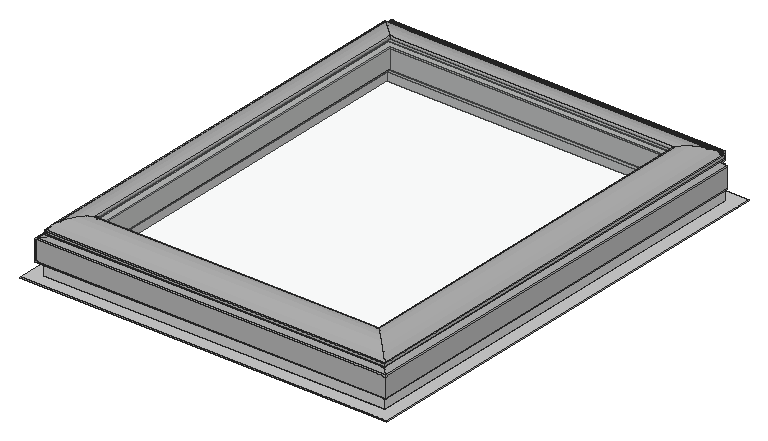
Revit family "086200 - Unit Skylights - Rectangular", category Generic Models, host Roof, Revit 2020
Family settings
  Host = Roof
  Can host rebar = No
  Round Connector Dimension = Use Diameter
  Part Type = Normal
  OmniClass Number = 23.30.30.14
  OmniClass Title = Unit Skylights
  Always vertical = No
  Cut with Voids When Loaded = Yes
  Shared = No
  Room Calculation Point = No
Parameters (values of type "M04")
  above surface = 0' - 1"
  Width = 2' - 7 7/16"
  VT - Visible Transmittance (9994) = "0.48"
  VT - Visible Transmittance (9993) = "0.48"
  VT - Visible Transmittance (10) = "0.52"
  VT - Visible Transmittance (08) = "0.39"
  VT - Visible Transmittance (06) = "0.52"
  VT - Visible Transmittance (04) = "0.53"
  VELUX Glazing options URL = "http://www.veluxusa.com/Consumer/Products/residential_skylights/glazing/default.aspx"
  VELUX Glazing options = "Laminated (04), Impact (06), White Laminated (08), Snowload (10), Energy Tempered (9993), Energy Laminated (9994)"
  VELUX Flashing systems URL = "http://www.veluxusa.com/Consumer/Products/residential_skylights/flashings/default.aspx"
  VELUX Flashing systems = "EDL step flashing, EKL combi-flashing, EDW flashing, EKW combi-flashing, EDM metal roof flashing, ECB biepack"
  URL = "http://www.veluxusa.com/"
  U-Factor (9994) = "0.37"
  U-Factor (9993) = "0.38"
  U-Factor (10) = "0.41"
  U-Factor (08) = "0.42"
  U-Factor (06) = "0.41"
  U-Factor (04) = "0.42"
  Type Comments = "@master-bath; electric fresh air skylight"
  SHGC - Solar Heat Gain Coefficient (9994) = "0.21"
  SHGC - Solar Heat Gain Coefficient (9993) = "0.21"
  SHGC - Solar Heat Gain Coefficient (10) = "0.23"
  SHGC - Solar Heat Gain Coefficient (08) = "0.22"
  SHGC - Solar Heat Gain Coefficient (06) = "0.23"
  SHGC - Solar Heat Gain Coefficient (04) = "0.23"
  Rough Width = 2' - 6 1/16"
  Rough Height = 3' - 1 7/8"
  Operation = "Electric venting"
  Model = "VSE"
  Minimum Roof Pitch = "14 degrees"
  Maximum Roof Pitch = "85 degrees"
  Manufacturer = "VELUX"
  Height = 3' - 3 3/8"
  Glazing material = SKYLIGHTS - ALT BID (B): NO SKYLIGHTS
  Frame and sash = Aluminum - Lacquered - Kynar 500 top finish - Neutral Gray
  Drawings & Specifications (+Codes & Installation Instructions) = "http://www.veluxusa.com/Professionals/Technical_info_and_tools/product_information"
  Description = "Electric venting deck mounted skylight"
  Deck Seal Mounting System = Steel - Anti-corrosive coating
  Frame finish = Aluminum - Lacquered - Kynar 500 top finish - Neutral Gray
  Assembly Code = "B3020110"
Types (15): name | Width | Rough Width | Rough Height | Height
  _Type Name_ | 2' - 0" | 4' - 0" | 4' - 0" | 4' - 0"
  A06 | 1' - 4 1/8" | 1' - 2 1/2" | 3' - 9 3/4" | 3' - 11 1/4"
  C01 | 1' - 10 3/8" | 1' - 9" | 2' - 2 7/8" | 2' - 4 3/8"
  C04 | 1' - 10 3/8" | 1' - 9" | 3' - 1 7/8" | 3' - 3 3/8"
  C06 | 1' - 10 3/8" | 1' - 9" | 3' - 9 3/4" | 3' - 11 1/4"
  C08 | 1' - 10 3/8" | 1' - 9" | 4' - 6 7/16" | 4' - 7 15/16"
  C12 | 1' - 10 3/8" | 1' - 9" | 5' - 10 1/4" | 5' - 11 3/4"
  D26 | 2' - 0 1/16" | 1' - 10 1/2" | 1' - 10 15/16" | 2' - 0 7/16"
  D06 | 2' - 0 1/16" | 1' - 10 1/2" | 3' - 9 3/4" | 3' - 11 1/4"
  M02 | 2' - 7 7/16" | 2' - 6 1/16" | 2' - 6" | 2' - 7 1/2"
  M04 | 2' - 7 7/16" | 2' - 6 1/16" | 3' - 1 7/8" | 3' - 3 3/8"
  M06 | 2' - 7 7/16" | 2' - 6 1/16" | 3' - 9 3/4" | 3' - 11 1/4"
  M08 | 2' - 7 7/16" | 2' - 6 1/16" | 4' - 6 7/16" | 4' - 7 15/16"
  S01 | 3' - 9 9/16" | 3' - 8 1/4" | 2' - 2 7/8" | 2' - 4 3/8"
  S06 | 3' - 9 9/16" | 3' - 8 1/4" | 3' - 9 3/4" | 3' - 11 1/4"
Reference planes
  plane 1 "Center (Front/Back)": y = 246.062
  plane 2 "Roof": z = 3657.6
  plane 3 "Center (Left/Right)": x = -94.456
  plane 4: y = 746.125
  plane 5: y = -254
  plane 6: x = 304.8
  plane 7: x = -493.712
  plane 8 "hosting line": z = 3683
Forms (mm)
  Extrusion 1, void
    sketch origin (0, 0, 3810) x (-1, 0, 0) y (0, 1, 0)
      loop
        line (-304.8, 746.125) -> (-304.8, -254) -> (493.712, -254) -> (493.712, 746.125) -> (-304.8, 746.125)
    from -1342.646 to 1487.459
  Sweep 2, solid, material "Steel - Anti-corrosive coating" <- "Deck Seal Mounting System"
    path in 3D
      loop
        line (304.8, 746.125, 3683) -> (304.8, -254, 3683) -> (-493.712, -254, 3683) -> (-493.712, 746.125, 3683) -> (304.8, 746.125, 3683)
    profile origin (-94.456, 746.125, 3683) x (0, -1, 0) y (0, 0, -1)
      loop
        line (-7.738, -2.169) -> (-7.738, -34) -> (-6.738, -34) -> (-6.738, 0) -> (-38.859, 0) -> (-38.859, -2.169) -> (-7.738, -2.169)
  Sweep 3, solid, material "Aluminum - Lacquered - Kynar 500 top finish - Neutral Gray" <- "Frame and sash"
    path in 3D
      loop
        line (304.8, -254, 3683) -> (-493.712, -254, 3683) -> (-493.712, 746.125, 3683) -> (304.8, 746.125, 3683) -> (304.8, -254, 3683)
    profile origin (304.8, 246.062, 3683) x (1, 0, 0) y (0, 0, 1)
      loop
        line (-22.872, 68.2) -> (-22.872, 110.7) -> (-38.872, 110.7) -> (-38.872, 96.2) -> (-46.101, 96.2) -> (-46.101, 99.9) -> (-62.074, 99.9) -> (-61.872, 96.2) -> (-56.773, 47.692) -> (-55.117, 46.2) -> (-37.572, 46.2) -> (-37.572, 67.943) -> (-22.872, 68.2)
  Sweep 4, solid, material "Aluminum - Lacquered - Kynar 500 top finish - Neutral Gray" <- "Frame finish"
    path in 3D
      loop
        line (304.8, -254, 3683) -> (-493.712, -254, 3683) -> (-493.712, 746.125, 3683) -> (304.8, 746.125, 3683) -> (304.8, -254, 3683)
    profile origin (304.8, 246.062, 3683) x (1, 0, 0) y (0, 0, 1)
      loop
        line (-4.412, 12.5) -> (0, 0) -> (6.738, 0) -> (6.738, 34) -> (7.738, 34) -> (7.738, 81) -> (-19.262, 81) -> (-19.262, 64) -> (-34.262, 64) -> (-34.262, 25) -> (-28.262, 25) -> (-28.262, 1) -> (-17.412, 1) -> (-17.412, 12.5) -> (-4.412, 12.5)
  Sweep 5, solid, material "Aluminum - Lacquered - Kynar 500 top finish - Neutral Gray" <- "Frame finish"
    path in 3D
      loop
        line (304.8, 746.125, 3683) -> (304.8, -254, 3683) -> (-493.712, -254, 3683) -> (-493.712, 746.125, 3683)
    profile origin (304.8, 246.062, 3683) x (-1, 0, 0) y (0, 0, -1)
      loop
        line (14.825, -83.775) -> (11.026, -85.516) -> (-17.461, -82.271)
        arc (-17.461, -82.271) -> (-18.252, -81.861) -> (-18.57, -81.029) r 1.25
        line (-18.57, -81.029) -> (-18.57, -34.579)
        arc (-18.57, -34.579) -> (-17.396, -33.24) -> (-15.916, -34.229) r 1.35
        line (-15.916, -34.229) -> (-14.622, -39.059) -> (-13.855, -38.854) -> (-15.149, -34.024)
        arc (-15.149, -34.024) -> (-17.5, -32.453) -> (-19.363, -34.579) r 2.144
        line (-19.363, -34.579) -> (-19.363, -81.029)
        arc (-19.363, -81.029) -> (-18.844, -82.39) -> (-17.551, -83.059) r 2.044
        line (-17.551, -83.059) -> (11.156, -86.33) -> (15.156, -84.496) -> (14.825, -83.775)
  Sweep 6, solid, material "NEW SKYLIGHTS TO MATCH EXISTING"
    path in 3D
      loop
        line (-493.712, 746.125, 3683) -> (304.8, 746.125, 3683)
    profile origin (-94.456, 746.125, 3683) x (0, -1, 0) y (0, 0, -1)
      loop
        line (-7.738, -53.5) -> (-9.738, -53.5) -> (-9.738, -80)
        arc (-9.738, -80) -> (-10.031, -80.707) -> (-10.738, -81) r 1
        line (-10.738, -81) -> (-14.138, -81)
        arc (-14.138, -81) -> (-15.552, -81.586) -> (-16.138, -83) r 2
        line (-16.138, -83) -> (-16.138, -93) -> (-17.638, -94)
        arc (-17.638, -94) -> (-17.992, -94.146) -> (-18.138, -94.5) r 0.5
        line (-18.138, -94.5) -> (-18.138, -101.3)
        arc (-18.138, -101.3) -> (-17.888, -101.733) -> (-17.388, -101.733) r 0.5
        line (-17.388, -101.733) -> (-14.888, -100.29) -> (-14.638, -99.279)
        arc (-14.638, -99.279) -> (-14.889, -98.846) -> (-15.39, -98.847) r 0.5
        line (-15.39, -98.847) -> (-16.638, -99.568) -> (-16.638, -95.449)
        arc (-16.638, -95.449) -> (-15.202, -94.581) -> (-14.638, -93) r 2.5
        line (-14.638, -93) -> (-14.638, -84)
        arc (-14.638, -84) -> (-14.345, -83.293) -> (-13.638, -83) r 1
        line (-13.638, -83) -> (15.522, -83) -> (15.522, -81) -> (-7.738, -81) -> (-7.738, -53.5)
  Sweep 7, solid, material "Aluminum - Lacquered - Kynar 500 top finish - Neutral Gray" <- "Frame and sash"
    path in 3D
      loop
        line (304.8, -254, 3683) -> (-493.712, -254, 3683)
    profile origin (-94.456, -254, 3683) x (0, 1, 0) y (0, 0, -1)
      loop
        line (34.262, -8.3) -> (34.262, -58.3) -> (32.262, -58.3) -> (32.262, -60.4)
        arc (32.262, -60.4) -> (33.14, -62.521) -> (35.262, -63.4) r 3
        line (35.262, -63.4) -> (68.762, -63.4)
        arc (68.762, -63.4) -> (70.883, -62.521) -> (71.762, -60.4) r 3
        line (71.762, -60.4) -> (71.762, -41.305) -> (81.762, -27.024) -> (81.762, -16)
        arc (81.762, -16) -> (82.055, -15.293) -> (82.762, -15) r 1
        line (82.762, -15) -> (84.762, -15)
        arc (84.762, -15) -> (87.598, -12.977) -> (86.609, -9.636) r 3
        line (86.609, -9.636) -> (78.929, -3.636)
        arc (78.929, -3.636) -> (78.059, -3.163) -> (77.082, -3) r 3
        line (77.082, -3) -> (35.262, -3)
        arc (35.262, -3) -> (33.14, -3.879) -> (32.262, -6) r 3
        line (32.262, -6) -> (32.262, -8.3) -> (34.262, -8.3)
  Extrusion 8, void
    sketch origin (0, 0, 3810) x (-1, 0, 0) y (0, 1, 0)
      loop
        line (-304.8, 746.125) -> (-304.8, -254) -> (493.712, -254) -> (493.712, 746.125) -> (-304.8, 746.125)
    from -1554.611 to 1133.226
  Extrusion 9, solid, material "SKYLIGHTS - ALT BID (B): NO SKYLIGHTS" <- "Glazing material"
    sketch origin (116.414, 1692.345, 3683) x (0, 1, 0) y (-1, 0, 0)
      loop
        line (-985.092, 571.254) -> (-1907.473, 571.254) -> (-1907.473, -149.514) -> (-985.092, -149.514) -> (-985.092, 571.254)
    from 101.733 to 115.536
  Sweep 10, solid, material "Aluminum - Lacquered - Kynar 500 top finish - Neutral Gray" <- "Frame finish"
    path in 3D
      loop
        line (304.8, -254, 3683) -> (-493.712, -254, 3683) -> (-493.712, 746.125, 3683) -> (304.8, 746.125, 3683) -> (304.8, -254, 3683)
    profile origin (304.8, 246.062, 3683) x (1, 0, 0) y (0, 0, 1)
      loop
        arc (-59.948, 122.896) -> (-62.172, 120.865) -> (-61.615, 117.905) r 3.094
        line (-61.615, 117.905) -> (-61.005, 118.413)
        arc (-61.005, 118.413) -> (-61.419, 120.614) -> (-59.765, 122.123) r 2.3
        arc (-59.765, 122.123) -> (-24.443, 120.36) -> (4.485, 100.016) r 63.65
        arc (4.485, 100.016) -> (4.853, 99.354) -> (4.98, 98.607) r 2.25
        line (4.98, 98.607) -> (4.98, 91.45)
        arc (4.98, 91.45) -> (4.6, 90.531) -> (3.68, 90.15) r 1.3
        line (3.68, 90.15) -> (0.98, 90.15) -> (0.98, 89.356) -> (3.68, 89.356)
        arc (3.68, 89.356) -> (5.161, 89.969) -> (5.774, 91.45) r 2.094
        line (5.774, 91.45) -> (5.774, 98.607)
        arc (5.774, 98.607) -> (5.602, 99.617) -> (5.104, 100.513) r 3.044
        arc (5.104, 100.513) -> (-24.185, 121.111) -> (-59.948, 122.896) r 64.444
Lines and regions (mm)
  model lines
    curve 1: line (-493.712, 746.125, 3683) -> (304.8, 746.125, 3683)
    curve 2: line (-493.712, -254, 3683) -> (-493.712, 746.125, 3683)
    curve 3: line (304.8, -254, 3683) -> (-493.712, -254, 3683)
    curve 4: line (304.8, 746.125, 3683) -> (304.8, -254, 3683)
  sketch lines
    curve 5: line (304.8, 746.125, 3683) -> (304.8, -254, 3683)
    curve 6: line (304.8, -254, 3683) -> (-493.712, -254, 3683)
    curve 7: line (-493.712, 746.125, 3683) -> (304.8, 746.125, 3683)
    curve 8: line (-493.712, -254, 3683) -> (-493.712, 746.125, 3683)
    curve 9: line (304.8, 746.125, 3683) -> (304.8, -254, 3683)
    curve 10: line (-493.712, 746.125, 3683) -> (304.8, 746.125, 3683)
    curve 11: line (-493.712, -254, 3683) -> (-493.712, 746.125, 3683)
    curve 12: line (304.8, -254, 3683) -> (-493.712, -254, 3683)
    curve 13: line (304.8, 746.125, 3683) -> (304.8, -254, 3683)
    curve 14: line (-493.712, 746.125, 3683) -> (304.8, 746.125, 3683)
    curve 15: line (304.8, -254, 3683) -> (-493.712, -254, 3683)
    curve 16: line (-493.712, -254, 3683) -> (-493.712, 746.125, 3683)
    curve 17: line (-493.712, 746.125, 3683) -> (304.8, 746.125, 3683)
    curve 18: line (304.8, 746.125, 3683) -> (304.8, -254, 3683)
    curve 19: line (-493.712, -254, 3683) -> (-493.712, 746.125, 3683)
    curve 20: line (304.8, -254, 3683) -> (-493.712, -254, 3683)
    curve 21: line (304.8, 746.125, 3683) -> (304.8, -254, 3683)
    curve 22: line (304.8, -254, 3683) -> (-493.712, -254, 3683)
    curve 23: line (-493.712, -254, 3683) -> (-493.712, 746.125, 3683)
    curve 24: line (304.8, -254, 3683) -> (-493.712, -254, 3683)
    curve 25: line (-493.712, 746.125, 3683) -> (304.8, 746.125, 3683)
Dimensions and locks
  equal spacing: host sketch curve, plane 3 "Center (Left/Right)", host sketch curve
  equal spacing: host sketch curve, plane 1 "Center (Front/Back)", host sketch curve
  equal spacing: plane 7, plane 3 "Center (Left/Right)", plane 6
  "Width": plane 7 to plane 6
  equal spacing: plane 4, plane 1 "Center (Front/Back)", plane 5
  "Height": plane 4 to plane 5
  "above surface": plane 8 "hosting line" to host roof
  aligned and locked: plane 2 "Roof" to level
  aligned and locked: Extrusion 1 sketch curve to plane 7
  aligned and locked: Extrusion 1 sketch curve to plane 4
  aligned and locked: plane 6 to Extrusion 1 sketch curve
  aligned and locked: plane 5 to Extrusion 1 sketch curve
  aligned and locked: Extrusion 8 sketch curve to plane 7
  aligned and locked: plane 5 to Extrusion 8 sketch curve
  aligned and locked: Extrusion 8 sketch curve to plane 4
  aligned and locked: plane 6 to Extrusion 8 sketch curve
  aligned and locked: Extrusion 9 to Sweep 3  (x4)
  aligned and locked: curve 2 to plane 7
  aligned and locked: curve 1 to plane 4
  aligned and locked: plane 6 to curve 4
  aligned and locked: plane 5 to curve 3
Automatic sketch dimensions
  profile plane to Sweep 3 sketch curve = 0' - 2.44386"
  Sweep 3 sketch curve to Sweep 3 sketch curve = 0' - 0.00796"
  Sweep 3 sketch curve to Sweep 3 sketch curve = 0' - 0.20073"
  Sweep 3 sketch curve to Sweep 3 sketch curve = 0' - 0.06523"
  Sweep 3 sketch curve to Sweep 3 sketch curve = 0' - 0.6209"
  Sweep 3 sketch curve to Sweep 3 sketch curve = 0' - 0.28461"
  Sweep 3 sketch curve to Sweep 3 sketch curve = 0' - 0.75597"
  Sweep 3 sketch curve to Sweep 3 sketch curve = 0' - 0.62992"
  profile plane to Sweep 3 sketch curve = 0' - 1.8189"
  Sweep 3 sketch curve to Sweep 3 sketch curve = 0' - 0.05873"
  Sweep 3 sketch curve to Sweep 3 sketch curve = 0' - 0.85604"
  Sweep 3 sketch curve to Sweep 3 sketch curve = 0' - 0.0101"
  Sweep 3 sketch curve to Sweep 3 sketch curve = 0' - 1.11246"
  Sweep 3 sketch curve to Sweep 3 sketch curve = 0' - 0"
  Sweep 3 sketch curve to Sweep 3 sketch curve = 0' - 0.14567"
  Sweep 3 sketch curve to Sweep 3 sketch curve = 0' - 0.57087"
  profile plane to Sweep 4 sketch curve = 0' - 0"
  Sweep 4 sketch curve to profile plane = 0' - 0"
  profile plane to Sweep 4 sketch curve = 0' - 0.17369"
  profile plane to Sweep 4 sketch curve = 0' - 0.03937"
  Sweep 4 sketch curve to Sweep 4 sketch curve = 0' - 0.51181"
  profile plane to Sweep 4 sketch curve = 0' - 0.75834"
  Sweep 4 sketch curve to Sweep 4 sketch curve = 0' - 0.42717"
  Sweep 4 sketch curve to Sweep 4 sketch curve = 0' - 0.59055"
  Sweep 4 sketch curve to profile plane = 0' - 0.26528"
  Sweep 4 sketch curve to Sweep 4 sketch curve = 0' - 0.03937"
  Sweep 4 sketch curve to Sweep 4 sketch curve = 0' - 0.45276"
  Sweep 4 sketch curve to Sweep 4 sketch curve = 0' - 0.49213"
  Sweep 4 sketch curve to Sweep 4 sketch curve = 0' - 0.84646"
  Sweep 4 sketch curve to Sweep 4 sketch curve = 0' - 1.53543"
  Sweep 4 sketch curve to Sweep 4 sketch curve = 0' - 0.66929"
  Sweep 5 sketch curve to Sweep 5 sketch curve = 0' - 0"  (x4)
  profile plane to Sweep 5 sketch curve = 0' - 0.76234"
  Sweep 5 sketch curve to Sweep 5 sketch curve = 0' - 0 1/32"
  Sweep 5 sketch curve to Sweep 5 sketch curve = 0' - 0.0401"
  Sweep 5 sketch curve to Sweep 5 sketch curve = 0' - 0.00354"
  Sweep 5 sketch curve to Sweep 5 sketch curve = 0' - 0.00557"
  Sweep 5 sketch curve to Sweep 5 sketch curve = 0' - 0.05315"
  Sweep 5 sketch curve to Sweep 5 sketch curve = 0' - 0.05134"
  Sweep 5 sketch curve to Sweep 5 sketch curve = 0' - 0.03019"  (x2)
  Sweep 5 sketch curve to Sweep 5 sketch curve = 0' - 0.05095"
  Sweep 5 sketch curve to profile plane = 0' - 0.43409"
  Sweep 5 sketch curve to Sweep 5 sketch curve = 0' - 0.00511"
  Sweep 5 sketch curve to Sweep 5 sketch curve = 0' - 0.14957"
  Sweep 5 sketch curve to Sweep 5 sketch curve = 0' - 0.01302"
  Sweep 5 sketch curve to profile plane = 0' - 3.39882"
  Sweep 5 sketch curve to Sweep 5 sketch curve = 0' - 0.03203"
  Sweep 5 sketch curve to Sweep 5 sketch curve = 0' - 0.09673"
  Sweep 5 sketch curve to profile plane = 0' - 1.53775"
  profile plane to Sweep 6 sketch curve = 0' - 0.7141"
  Sweep 6 sketch curve to Sweep 6 sketch curve = 0' - 0.01969"  (x4)
  Sweep 6 sketch curve to Sweep 6 sketch curve = 0' - 0.03937"  (x4)
  Sweep 6 sketch curve to Sweep 6 sketch curve = 0' - 0.04915"
  Sweep 6 sketch curve to Sweep 6 sketch curve = 0' - 0.0099"
  Sweep 6 sketch curve to Sweep 6 sketch curve = 0' - 0.00984"  (x2)
  Sweep 6 sketch curve to Sweep 6 sketch curve = 0' - 0.05906"
  Sweep 6 sketch curve to Sweep 6 sketch curve = 0' - 0.07874"  (x3)
  Sweep 6 sketch curve to Sweep 6 sketch curve = 0' - 0.13386"
  Sweep 6 sketch curve to profile plane = 0' - 0.61109"
  Sweep 6 sketch curve to profile plane = 0' - 3.98819"
  Sweep 6 sketch curve to Sweep 6 sketch curve = 0' - 0.03978"  (x2)
  Sweep 6 sketch curve to Sweep 6 sketch curve = 0' - 0.02841"
  Sweep 6 sketch curve to Sweep 6 sketch curve = 0' - 0.13377"
  Sweep 6 sketch curve to Sweep 6 sketch curve = 0' - 0.03738"
  Sweep 6 sketch curve to Sweep 6 sketch curve = 0' - 0"  (x5)
  Sweep 6 sketch curve to Sweep 6 sketch curve = 0' - 0.35433"
  Sweep 6 sketch curve to Sweep 6 sketch curve = 0' - 0.11811"
  Sweep 6 sketch curve to Sweep 6 sketch curve = 0' - 1.04331"
  Sweep 7 sketch curve to profile plane = 0' - 0.32677"
  Sweep 7 sketch curve to profile plane = 0' - 1.27015"  (x2)
  Sweep 7 sketch curve to Sweep 7 sketch curve = 0' - 0.07874"  (x2)
  Sweep 7 sketch curve to Sweep 7 sketch curve = 0' - 0.03937"  (x2)
  Sweep 7 sketch curve to Sweep 7 sketch curve = 0' - 0.11811"  (x2)
  Sweep 7 sketch curve to Sweep 7 sketch curve = 0' - 1.3189"
  Sweep 7 sketch curve to profile plane = 0' - 0.11811"
  Sweep 7 sketch curve to Sweep 7 sketch curve = 0' - 0.20946"
  Sweep 7 sketch curve to profile plane = 0' - 0.14315"
  Sweep 7 sketch curve to Sweep 7 sketch curve = 0' - 0.07272"  (x2)
  Sweep 7 sketch curve to Sweep 7 sketch curve = 0' - 0.18424"
  Sweep 7 sketch curve to profile plane = 0' - 0.37937"
  Sweep 7 sketch curve to Sweep 7 sketch curve = 0' - 0.09307"
  Sweep 7 sketch curve to Sweep 7 sketch curve = 0' - 0.43401"
  Sweep 7 sketch curve to Sweep 7 sketch curve = 0' - 0.56226"
  Sweep 7 sketch curve to Sweep 7 sketch curve = 0' - 0.66908"
  Sweep 7 sketch curve to Sweep 7 sketch curve = 0' - 0.75176"
  plane 5 to Extrusion 9 sketch curve = 0' - 1.53039"
  Extrusion 9 sketch curve to plane 4 = 0' - 1.53039"
  plane 6 to Extrusion 9 sketch curve = 0' - 1.53039"
  Extrusion 9 sketch curve to plane 7 = 0' - 1.53039"
  Sweep 10 sketch curve to Sweep 10 sketch curve = 0' - 0"  (x12)
  profile plane to Sweep 10 sketch curve = 0' - 2 109/256"
  Sweep 10 sketch curve to Sweep 10 sketch curve = 0' - 0.02401"
  Sweep 10 sketch curve to Sweep 10 sketch curve = 0' - 0.06958"
  profile plane to Sweep 10 sketch curve = 0' - 1.77767"
  Sweep 10 sketch curve to profile plane = 0' - 0.0386"
  Sweep 10 sketch curve to profile plane = 0' - 0.10749"
  Sweep 10 sketch curve to Sweep 10 sketch curve = 0' - 0.1063"
  Sweep 10 sketch curve to Sweep 10 sketch curve = 0' - 0.05118"  (x2)
  Sweep 10 sketch curve to Sweep 10 sketch curve = 0' - 0 1/32"  (x2)
  profile plane to Sweep 10 sketch curve = 0' - 2.36903"
  Sweep 10 sketch curve to Sweep 10 sketch curve = 0' - 1.14893"
  Sweep 10 sketch curve to Sweep 10 sketch curve = 0' - 0.28179"
  Sweep 10 sketch curve to Sweep 10 sketch curve = 0' - 2.2729"
  Sweep 10 sketch curve to Sweep 10 sketch curve = 0' - 0.02"
  Sweep 10 sketch curve to Sweep 10 sketch curve = 0' - 0.05794"
  profile plane to Sweep 2 sketch curve = 0' - 0"
  Sweep 2 sketch curve to profile plane = 0' - 0.08541"
  profile plane to Sweep 2 sketch curve = 0' - 1.52989"
  profile plane to Sweep 2 sketch curve = 0' - 0.30465"
  Sweep 2 sketch curve to Sweep 2 sketch curve = 0' - 0.03937"
  Sweep 2 sketch curve to Sweep 2 sketch curve = 0' - 1.25317"
